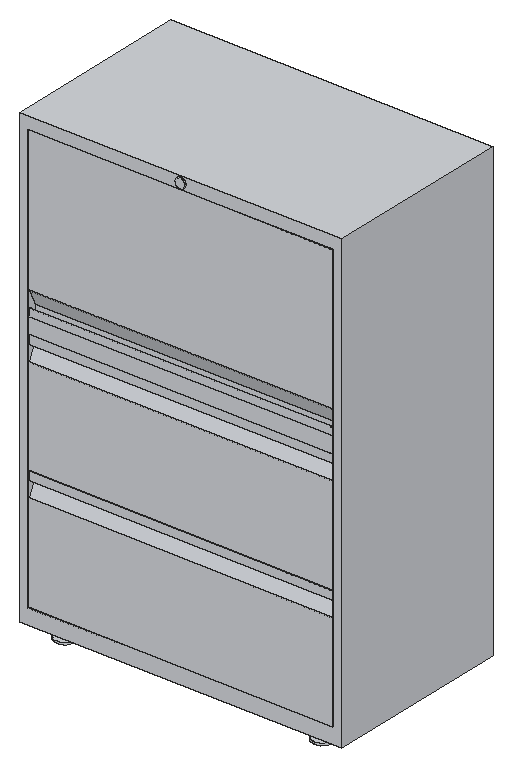
Revit family
Parameters (values of type "08C32B.2HQ")
  Width = 800 mm
  Tie Bar Width = Width - 40 mm  # 760 mm
  Manufacturer = ""
  Height = 1160 mm
  Flipper Width = Width - 40 mm  # 760 mm
  Drawer Width = Width - 40 mm  # 760 mm
  Colour [instance] = ""
  Carbon Footprint = 0
Types (3, lengths in mm): name | Width | Tie Bar Width | Flipper Width | Drawer Width
  (no name) | 800 | 760 | 760 | 760
  10C32B.2HQ | 1000 | 960 | 960 | 960
  08C32B.2HQ | 800 | 760 | 760 | 760
Reference planes
  plane 1 "Center (Front/Back)": y = 0
  plane 2: z = 0
  plane 3 "Center (Left/Right)": x = 0
  plane 4: y = 235
  plane 5: y = -235
  plane 6: x = -400
  plane 7: x = 400
  plane 8: z = 1160
  plane 9: z = 4
  plane 10: z = 25
  plane 11: z = 65
  plane 12: z = 1130
  plane 13: x = -380
  plane 14: x = 380
  plane 15: x = -320
  plane 16: x = 320
  plane 17: y = -195
  plane 18: y = 195
  plane 19: y = 233
  plane 20: y = -215
  plane 21: y = -237
  plane 22: z = 1145
  plane 23: z = 1129
Forms (mm)
  Extrusion 1, solid
    sketch origin (0, 0, 0) x (1, 0, 0) y (0, 0, 1)
      loop
        line (-400, 1160) -> (-400, 25) -> (400, 25) -> (400, 1160) -> (-400, 1160)
      loop
        line (-380, 1130) -> (-380, 65) -> (380, 65) -> (380, 1130) -> (-380, 1130)
    from -235 to 235
  Extrusion 2, solid
    sketch origin (0, 0, 0) x (1, 0, 0) y (0, 0, 1)
      loop
        line (-380, 1130) -> (-380, 65) -> (380, 65) -> (380, 1130) -> (-380, 1130)
    from -235 to -233
  Extrusion 3, solid
    sketch origin (0, 0, 0) x (1, 0, 0) y (0, 1, 0)
      loop
        circle (-320, 195) r 25
      loop
        circle (320, 195) r 25
      loop
        circle (320, -195) r 25
      loop
        circle (-320, -195) r 25
    from 0 to 4
  Extrusion 4, solid
    sketch origin (0, 0, 0) x (1, 0, 0) y (0, 1, 0)
      loop
        circle (-320, 195) r 5
      loop
        circle (320, 195) r 5
      loop
        circle (320, -195) r 5
      loop
        circle (-320, -195) r 5
    from 4 to 25
  Extrusion 5, solid
    sketch origin (0, 0, 0) x (1, 0, 0) y (0, 0, 1)
      loop
        circle (0, 1145) r 11.963
    from 235 to 237
Dimensions and locks
  plane 4 to plane 1 "Center (Front/Back)" to plane 5 = 235 mm locked, 235 mm locked
  equal spacing: plane 6, plane 3 "Center (Left/Right)", plane 7
  "Width": plane 6 to plane 7
  locked: plane 9 to plane 2 at 4
  locked: plane 10 to plane 9 at 21
  locked: plane 11 to plane 10 at 40
  locked: plane 8 to plane 12 at 30
  "Height": plane 8 to plane 2
  locked: plane 13 to plane 6 at 20
  locked: plane 7 to plane 14 at 20
  locked: plane 4 to plane 18 at 40
  locked: plane 17 to plane 5 at 40
  locked: plane 16 to plane 14 at 60
  locked: plane 13 to plane 15 at 60
  locked: plane 4 to plane 19 at 2
  locked: plane 20 to plane 5 at 20
  locked: plane 5 to plane 21 at 2
  plane 8 to plane 22 to plane 12 = 15 mm, 15 mm
  locked: nested 1 to plane 11 at 1
  locked: nested 1 to plane 13 at 1
  locked: plane 14 to nested 1 at 1
  group 1 to group 2 = 0 mm  (x2)
  group 1 to group 2 = 305 mm
  plane 12 to nested 3 = 1 mm
  locked: nested 3 to nested 2 at 40
  locked: nested 2 to nested 1 at 2
  locked: nested 3 to Extrusion 1 at 1  (x2)
  radius of Extrusion 3 sketch curve = 25 mm
  aligned and locked: level to plane 2
  aligned and locked: Extrusion 1 sketch curve to plane 8
  aligned and locked: plane 6 to Extrusion 1 sketch curve
  aligned and locked: plane 10 to Extrusion 1 sketch curve
  aligned and locked: Extrusion 1 sketch curve to plane 7
  aligned and locked: Extrusion 1 sketch curve to plane 12
  aligned and locked: plane 13 to Extrusion 1 sketch curve
  aligned and locked: plane 11 to Extrusion 1 sketch curve
  aligned and locked: Extrusion 1 sketch curve to plane 14
  aligned and locked: plane 4 to Extrusion 1
  aligned and locked: Extrusion 1 to plane 5
  aligned and locked: Extrusion 2 sketch curve to Extrusion 1  (x4)
  aligned and locked: Extrusion 2 to plane 19
  aligned and locked: plane 9 to Extrusion 3
  aligned and locked: Extrusion 5 to plane 21
  aligned and locked: plane 5 to Extrusion 5
  aligned and locked: plane 23 to nested 3
  aligned and locked: plane 3 "Center (Left/Right)" to nested 3
  aligned and locked: nested 3 to nested 1
Automatic sketch dimensions
  Extrusion 3 sketch curve to plane 15 = 0 mm  (x2)
  Extrusion 3 sketch curve to plane 16 = 0 mm  (x2)
  Extrusion 3 sketch curve to plane 17 = 0 mm  (x2)
  Extrusion 3 sketch curve to plane 18 = 0 mm  (x2)
  Extrusion 4 sketch curve to plane 15 = 0 mm  (x2)
  Extrusion 4 sketch curve to plane 16 = 0 mm  (x2)
  Extrusion 4 sketch curve to plane 17 = 0 mm  (x2)
  Extrusion 4 sketch curve to plane 18 = 0 mm  (x2)
  Extrusion 5 sketch curve to plane 3 "Center (Left/Right)" = 0 mm
  Extrusion 5 sketch curve to plane 22 = 0 mm
  radius of Extrusion 3 sketch curve = 25 mm  (x3)
  radius of Extrusion 4 sketch curve = 5 mm  (x4)
  radius of Extrusion 5 sketch curve = 11.963 mm
Nested families
  nested 1: "12 Inch Drawer" at (0, -225, 65), type "12 Inch Drawer"
  nested 2: "12 Inch Drawer" at (0, -225, 370), type "12 Inch Drawer"
  nested 3: "12 Inch Flipper" at (0, -225, 713), type "12 Inch Flipper"
    with Flipper Height 417 mm
  nested 4: "Tie Bar" at (0, -1, 675), type "Tie Bar"
Definition of nested family "12 Inch Drawer"
  Parameters (values of type "12 Inch Drawer")
    Drawer Width = 760 mm
    Drawer Height = 305 mm
  Reference planes
    plane 1 "Center (Front/Back)": y = 0
    plane 2: z = 0
    plane 3 "Center (Left/Right)": x = 0
    plane 4: x = -380
    plane 5: x = 380
    plane 6: x = -379
    plane 7: x = 379
    plane 8: y = 10
    plane 9: y = -10
    plane 10: z = 305
    plane 11: z = 304
    plane 12: z = 1
    plane 13: x = -378
    plane 14: x = 378
    plane 15: z = 303
    plane 16: z = 284
    plane 17: z = 244
    plane 18: y = -9
    plane 19: y = 9
  Forms (mm)
    Extrusion 1, solid
      sketch origin (0, 0, 0) x (1, 0, 0) y (0, 0, 1)
        loop
          line (-379, 1) -> (379, 1) -> (379, 304) -> (-379, 304) -> (-379, 1)
      from -10 to 10
    Extrusion 2, void
      sketch origin (0, 0, 0) x (0, 1, 0) y (0, 0, 1)
        loop
          line (-10, 284) -> (-10, 244) -> (9, 284) -> (9, 303) -> (-9, 303) -> (-9, 284) -> (-10, 284)
      from -378 to 378
  Cuts and joins
    Extrusion 2 cuts Extrusion 1
  Dimensions and locks
    "Drawer Width": plane 4 to plane 5
    equal spacing: plane 4, plane 3 "Center (Left/Right)", plane 5
    locked: plane 4 to plane 6 at 1
    locked: plane 7 to plane 5 at 1
    locked: plane 8 to plane 9 at 20
    equal spacing: plane 8, plane 1 "Center (Front/Back)", plane 9
    "Drawer Height": plane 10 to level
    locked: plane 10 to plane 11 at 1
    locked: plane 12 to level at 1
    locked: Extrusion 1 to plane 14 at 1
    locked: Extrusion 1 to plane 13 at 1
    locked: plane 11 to plane 15 at 1
    locked: plane 15 to plane 16 at 19
    locked: plane 16 to plane 17 at 40
    locked: plane 9 to plane 18 at 1
    locked: plane 19 to plane 8 at 1
    plane 10 to plane 11 to plane 15 to plane 16 to plane 17 to plane 12 = 1 mm, 1 mm, 19 mm, 40 mm, 243 mm
    locked: plane 6 to plane 13 at 1
    locked: plane 14 to plane 7 at 1
    aligned and locked: level to plane 2
    aligned and locked: plane 7 to Extrusion 1
    aligned and locked: plane 11 to Extrusion 1
    aligned and locked: Extrusion 1 to plane 6
    aligned and locked: Extrusion 1 to plane 12
    aligned and locked: Extrusion 1 to plane 9
    aligned and locked: plane 8 to Extrusion 1
    aligned and locked: plane 15 to Extrusion 2
    aligned and locked: plane 19 to Extrusion 2
    aligned and locked: Extrusion 2 to plane 9
    aligned and locked: plane 16 to Extrusion 2
    aligned and locked: Extrusion 2 to plane 13
    aligned and locked: plane 14 to Extrusion 2
  Automatic sketch dimensions
    Extrusion 1 sketch curve to plane 6 = 0 mm
    Extrusion 1 sketch curve to plane 7 = 0 mm
    Extrusion 1 sketch curve to plane 12 = 0 mm
    Extrusion 1 sketch curve to plane 11 = 0 mm
    Extrusion 2 sketch curve to plane 9 = 0 mm
    Extrusion 2 sketch curve to plane 18 = 0 mm
    Extrusion 2 sketch curve to plane 16 = 0 mm  (x2)
    Extrusion 2 sketch curve to plane 19 = 0 mm
    Extrusion 2 sketch curve to plane 17 = 0 mm
    Extrusion 2 sketch curve to plane 15 = 0 mm
Definition of nested family "12 Inch Flipper"
  Parameters (values of type "12 Inch Flipper")
    Flipper Width = 760 mm
    Flipper Height = 305 mm
  Reference planes
    plane 1 "Center (Front/Back)": y = 0
    plane 2: z = 0
    plane 3 "Center (Left/Right)": x = 0
    plane 4: x = -380
    plane 5: x = 380
    plane 6: x = -379
    plane 7: x = 379
    plane 8: y = 10
    plane 9: y = -10
    plane 10: z = 305
    plane 11: z = 304
    plane 12: z = 1
    plane 13: x = -378
    plane 14: x = 378
    plane 15: z = 2
    plane 16: z = 21
    plane 17: z = 61
    plane 18: y = -9
    plane 19: y = 9
  Forms (mm)
    Extrusion 1, solid
      sketch origin (0, 0, 0) x (1, 0, 0) y (0, 0, 1)
        loop
          line (-379, 1) -> (379, 1) -> (379, 304) -> (-379, 304) -> (-379, 1)
      from -10 to 10
    Extrusion 2, void
      sketch origin (0, 0, 0) x (0, 1, 0) y (0, 0, 1)
        loop
          line (-10, 61) -> (-10, 21) -> (-9, 21) -> (-9, 2) -> (9, 2) -> (9, 21) -> (-10, 61)
      from -378 to 378
  Cuts and joins
    Extrusion 2 cuts Extrusion 1
  Dimensions and locks
    "Flipper Width": plane 4 to plane 5
    equal spacing: plane 4, plane 3 "Center (Left/Right)", plane 5
    locked: plane 4 to plane 6 at 1
    locked: plane 7 to plane 5 at 1
    locked: plane 8 to plane 9 at 20
    equal spacing: plane 8, plane 1 "Center (Front/Back)", plane 9
    "Flipper Height": plane 10 to level
    locked: plane 10 to plane 11 at 1
    locked: plane 12 to level at 1
    locked: Extrusion 1 to plane 14 at 1
    locked: Extrusion 1 to plane 13 at 1
    plane 10 to plane 11 to plane 12 = 1 mm, 303 mm
    locked: plane 6 to plane 13 at 1
    locked: plane 14 to plane 7 at 1
    locked: plane 15 to plane 12 at 1
    locked: plane 16 to plane 15 at 19
    locked: plane 17 to plane 16 at 40
    locked: plane 9 to plane 18 at 1
    locked: plane 19 to plane 8 at 1
    aligned and locked: level to plane 2
    aligned and locked: plane 7 to Extrusion 1
    aligned and locked: plane 11 to Extrusion 1
    aligned and locked: Extrusion 1 to plane 6
    aligned and locked: Extrusion 1 to plane 12
    aligned and locked: Extrusion 1 to plane 9
    aligned and locked: plane 8 to Extrusion 1
    aligned and locked: Extrusion 2 to plane 15
    aligned and locked: Extrusion 2 to plane 19
    aligned and locked: plane 18 to Extrusion 2
    aligned and locked: Extrusion 2 to plane 16
    aligned and locked: Extrusion 2 to plane 9
    aligned and locked: Extrusion 2 to plane 13
    aligned and locked: plane 14 to Extrusion 2
  Automatic sketch dimensions
    Extrusion 1 sketch curve to plane 6 = 0 mm
    Extrusion 1 sketch curve to plane 7 = 0 mm
    Extrusion 1 sketch curve to plane 12 = 0 mm
    Extrusion 1 sketch curve to plane 11 = 0 mm
    Extrusion 2 sketch curve to plane 9 = 0 mm
    Extrusion 2 sketch curve to plane 15 = 0 mm
    Extrusion 2 sketch curve to plane 18 = 0 mm
    Extrusion 2 sketch curve to plane 16 = 0 mm  (x2)
    Extrusion 2 sketch curve to plane 19 = 0 mm
    Extrusion 2 sketch curve to plane 17 = 0 mm
Definition of nested family "Tie Bar"
  Parameters (values of type "Tie Bar")
    Tie Bar Width = 760 mm
  Reference planes
    plane 1 "Center (Front/Back)": y = 0
    plane 2: z = 0
    plane 3 "Center (Left/Right)": x = 0
    plane 4: x = -380
    plane 5: x = 380
    plane 6: y = 234
    plane 7: y = -234
    plane 8: z = 38
    plane 9: x = -379
    plane 10: x = 379
  Forms (mm)
    Extrusion 1, solid
      sketch origin (0, 0, 0) x (1, 0, 0) y (0, 1, 0)
        loop
          line (-379, -234) -> (379, -234) -> (379, 234) -> (-379, 234) -> (-379, -234)
      from 0 to 38
  Dimensions and locks
    equal spacing: plane 4, plane 3 "Center (Left/Right)", plane 5
    "Tie Bar Width": plane 4 to plane 5
    locked: plane 8 to plane 2 at 38
    plane 6 to plane 7 = 468 mm
    equal spacing: plane 6, plane 1 "Center (Front/Back)", plane 7
    locked: plane 4 to plane 9 at 1
    locked: plane 10 to plane 5 at 1
    aligned and locked: level to plane 2
    aligned and locked: Extrusion 1 sketch curve to plane 7
    aligned and locked: Extrusion 1 sketch curve to plane 9
    aligned and locked: plane 6 to Extrusion 1 sketch curve
    aligned and locked: plane 10 to Extrusion 1 sketch curve
    aligned and locked: Extrusion 1 to level
    aligned and locked: plane 8 to Extrusion 1
